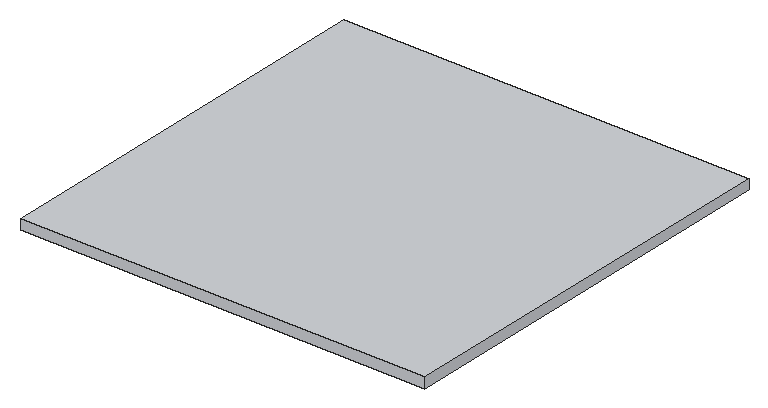
Revit family "7123000", category Aparatos sanitarios, Revit 2017
Family settings
  Anfitrión = Cara
  Cota de conector redondo = Diámetro de uso
  Tipo de pieza = Normal
  Número OmniClass = 23.45.55.14
  Título OmniClass = Single Faucets
  Corte con vacíos al cargar = No
  Compartido = No
  Punto de cálculo de habitación = No
Parameters (values of type "7123000")
  URL = "http://www.griferiasgalindo.com/ducha/albos/grifo-ducha-albos?c=es"
  Teléfono = "(+34) 915 782 575"
  TIPO DE AGUA = "Fria/Caliente"
  REFERENCIA = "7123000"
  Presión Máxima = "8 bar"
  PESO BRUTO = "1.86 Kg"
  Modelo = "GRIFO DE DUCHA"
  Material = LATON CROMADO
  Imagen de tipo = <Ninguno>
  Fabricante = "PRESTO IBÉRICA"
  Default Elevation = 1219.2 mm
  ENTRADA = "Hembra 3/4\""
  Descripción = "Grupo ducha con accesorios"
  Código de montaje = "C1030220"
  Contacto = "info@prestoiberica.com"
  Conexión AF = yes
  Conexión AC = yes
  Comentarios de tipo = "Cartucho sellado con discos cerámicos de Ø 35 mm. Entrada hembra de 3/4\" con excéntrica y embellecedor."
  CIERRE = "Manual"
  CAUDAL = "30 l/min"
  Accionamiento = "Mediante maneta"
Reference planes
  plane 1 "Centro (Frontal/Posterior)": y = 0
  plane 2: z = 0
  plane 3 "Centro (Izquierda/Derecha)": x = 0
Forms (mm)
  Extrusion 1, solid
    sketch origin (0, 0, 0) x (1, 0, 0) y (0, 1, 0)
      loop
        line (-100, 100) -> (-100, -100) -> (100, -100) -> (100, 100) -> (-100, 100)
    from 0 to -5
Dimensions and locks
  Extrusion 1 sketch curve to plane 1 "Centro (Frontal/Posterior)" = 100 mm
  aligned and locked: plane 2 to Extrusion 1
  aligned and locked: level to Extrusion 1
Connectors
  piping at (-87, 0, -18.5), diameter 19.1
    settings: on import instance, index 1, connector inside diameter 609.6 mm, connector length 0 mm, flow factor 0, pipe flow 0.0 L/s, pressure drop 0.0 Pa, fitting loss kfactor 0, connector angle 0.00°, fixture units 0, engagement length 0 mm, angle of deflection 0.00°, flow configuration 0, flow direction 1, fitting loss method 0, system type 19, joint type 0, gender type 0, connector reference index -1, connector utility 0, adjustable connector no, is connector primary yes, connector description ""
  piping at (63, 0, -18.5), diameter 19.1
    settings: on import instance, index 2, connector inside diameter 609.6 mm, connector length 0 mm, flow factor 0, pipe flow 0.0 L/s, pressure drop 0.0 Pa, fitting loss kfactor 0, connector angle 0.00°, fixture units 0, engagement length 0 mm, angle of deflection 0.00°, flow configuration 0, flow direction 1, fitting loss method 0, system type 20, joint type 0, gender type 0, connector reference index -1, connector utility 0, adjustable connector no, is connector primary no, connector description ""
